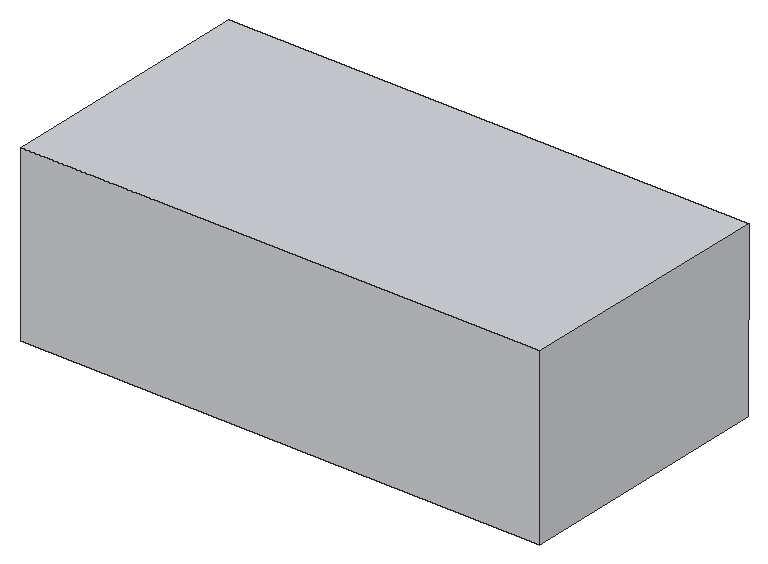
Revit family "PI 30.10.18", category Generic Models, Revit 2017
Family settings
  Can host rebar = No
  Round Connector Dimension = Use Diameter
  Part Type = Normal
  Work Plane-Based = No
  Always vertical = Yes
  Cut with Voids When Loaded = No
  Shared = No
  Room Calculation Point = No
Parameters
  c_spessore [instance] = 0.20 m
  c_altezza da terra [instance] = 1.00 m
  C_lunghezza [instance] = 0.60 m
  C_larghezza [instance] = 0.30 m
Reference planes (m)
  plane 1 "Center (Front/Back)": y = 0
  plane 2: z = 0
  plane 3 "Center (Left/Right)": x = 0
  plane 4 "base 1": z = 1
  plane 5: y = 0.3
  plane 6: x = 0.6
  plane 7: z = 1.2
Forms (m)
  Extrusion 1, solid
    sketch origin (0, 0, 1) x (-1, 0, 0) y (0, -1, 0)
      loop
        line (0, -0.3) -> (0, 0) -> (-0.6, 0) -> (-0.6, -0.3) -> (0, -0.3)
    from 0 to 0.2
Dimensions and locks (m)
  "c_altezza da terra": plane 4 "base 1" to level
  "C_lunghezza": plane 3 "Center (Left/Right)" to plane 6
  "C_larghezza": plane 5 to plane 1 "Center (Front/Back)"
  "c_spessore": plane 7 to plane 4 "base 1"
  plane 6 to plane 3 "Center (Left/Right)" = 0.60 m
  aligned and locked: plane 2 to level
  aligned and locked: plane 5 to Extrusion 1
  aligned and locked: Extrusion 1 to plane 3 "Center (Left/Right)"
  aligned and locked: plane 1 "Center (Front/Back)" to Extrusion 1
  aligned and locked: Extrusion 1 to plane 6
  aligned and locked: plane 7 to Extrusion 1
Automatic sketch dimensions
  Extrusion 1 sketch curve to plane 6 = 0.00 m
  Extrusion 1 sketch curve to plane 3 "Center (Left/Right)" = 0.00 m
  plane 5 to Extrusion 1 sketch curve = 0.00 m
  plane 1 "Center (Front/Back)" to Extrusion 1 sketch curve = 0.00 m
